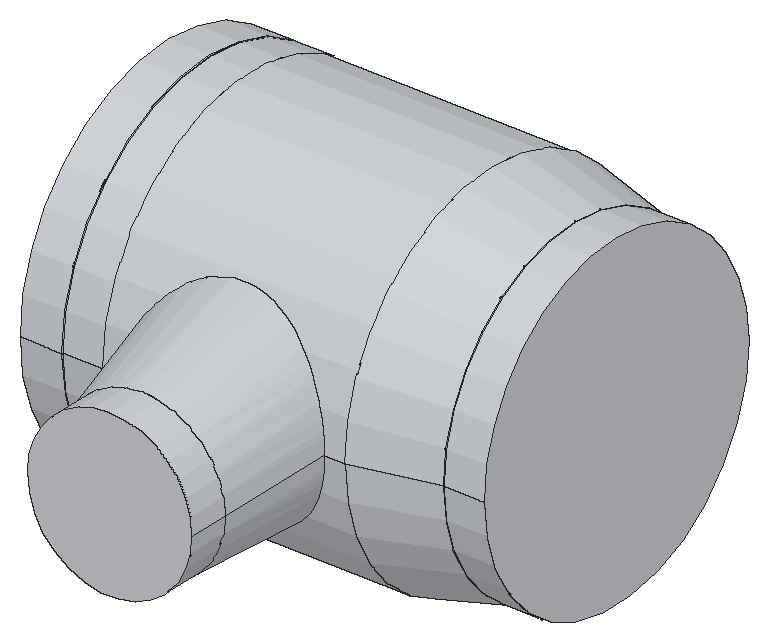
Revit family "13b247725cb74ec19f3574f7fac09483", category Duct Fittings, Revit 2021
Family settings
  Round Connector Dimension = Use Radius
  Part Type = Tee
  OmniClass Number = 23.75.70.14
  OmniClass Title = Air Ductwork
  Seek Item ID = Round Beveled Tee - DTL-0000-USA-ENU
  Work Plane-Based = No
  Always vertical = Yes
  Cut with Voids When Loaded = No
  Shared = No
Parameters (values of type "Standard")
  Tap Inset Label [instance] = 10' 0" + if(Tap Angle 1 < 90.00°, Tap Inset 1, if(Tap Angle 1 = 90.00°, Tap Inset 2, Tap Inset 3))  # 123 9/16"
  Tap Inset 3 [instance] = if(Tap Angle 1 > 90.00°, (Tap Base Diameter 1 - Tap Base Center Radius) / sin(180.00° - Tap Angle 1) + Body Radius 1 / tan(180.00° - Tap Angle 1), 0' 0")  # 0"
  Tap Inset 2 [instance] = if(Tap Angle 1 = 90.00°, Tap Base Diameter 1 - Tap Base Center Radius, 0' 0")  # 3 9/16"
  Default Elevation = 0' - 0"
  Angle 1 [instance] = atan((Tap Base Center Diameter - Tap Base Diameter 1) / (Tap Length 1 - Tap Length))  # 16.2602°
  Tap Horizontal Profile Offset [instance] = Tap Base Center Radius - Tap Radius  # 2 3/16"
  Tap Inset 1 [instance] = if(Tap Angle 1 < 90.00°, Tap Base Center Diameter / 2 * sin(Tap Angle 1) + Tap Base Center Diameter / 2 * cos(Tap Angle 1) / tan(Tap Angle 1 - Angle 1) - Body Radius 1 / tan(Tap Angle 1 - Angle 1), 0' 0")  # 0"
  Length 1 [instance] = if(Tap Angle 1 < 90.00°, Tap Base Center Radius / tan(Tap Angle 1), if(Tap Angle 1 = 90.00°, 0' 0", (Tap Base Diameter - (Insertion Point Length * sin(180.00° - Tap Angle 1) + Tap Radius)) / tan(180.00° - Tap Angle 1)))  # 0"
  Tap Length 3 [instance] = Body Length 1 + Tap Inset  # 5"
  Tap Inset [instance] = 1"
  Tap Length 2 [instance] = Tap Length 1 + Tap Collar Length  # 17"
  Tap Diameter 3 [instance] = if(Tap Angle 1 > 90.00°, 2 * (Tap Base Diameter 1 / 2 + (Tap Base Diameter 1 - Tap Diameter) * Body Radius 1 / (2 * sin(180.00° - Tap Angle 1) * Tap Length) + Tap Base Diameter 1 * (Tap Base Diameter 1 - Tap Diameter) / (2 * tan(180.00° - Tap Angle 1) * Tap Length)) / (1 + (Tap Base Diameter 1 - Tap Diameter) / (2 * tan(180.00° - Tap Angle 1) * Tap Length)), 0' 0")  # 0"
  Tap Diameter 2 [instance] = if(Tap Angle 1 < 90.00°, 2 * (Tap Base Diameter 1 / 2 + (Tap Base Diameter 1 - Tap Diameter) * Body Radius 1 / (2 * sin(Tap Angle 1) * Tap Length)) / (1 - (Tap Base Diameter 1 - Tap Diameter) / (2 * tan(Tap Angle 1) * Tap Length)), 0' 0")  # 0"
  Tap Diameter 1 [instance] = if(Tap Angle 1 = 90.00°, Body Radius 1 * tan(atan((Tap Base Diameter 1 - Tap Diameter) / Tap Length)) + Tap Base Diameter 1, 0' 0")  # 12 3/8"
  Body Radius 1 [instance] = if(Radius In > Radius Out, if(not(Body Radius < Radius In), Body Radius, Radius In), if(not(Body Radius < Radius Out), Body Radius, Radius Out))  # 9"
  Tap Radius [instance] = 4"
  Radius Out [instance] = 8"
  Radius In [instance] = 9"
  Tap Offset From Center 2 [instance] = if(Tap Offset From Center = 0' 0", 0' 0 13/256", 0' 0")  # 13/256"
  Tap Offset From Center 1 [instance] = 10' 0" - Tap Offset From Center  # 120"
  Tap Offset From Center [instance] = 0"
  Body Length 2 [instance] = Collar Out + Length Out 1  # 6"
  Length Out 1 [instance] = if(Length Out = 0' 0", 0' 0 1/16", Length Out)  # 4"
  Body Length 1 [instance] = Collar In + Length In 1  # 4"
  Length In 1 [instance] = if(Length In = 0' 0", 0' 0 1/16", Length In)  # 2"
  Collar Out [instance] = 2"
  Length Out [instance] = 4"
  Collar In [instance] = 2"
  Length In [instance] = 2"
  Tap Length 1 [instance] = Body Radius 1 / sin(Tap Angle 1) + Tap Length + Length 1  # 15"
  Tap Length [instance] = 6"
  Length [instance] = 11 3/4"
  Tap Diameter [instance] = Tap Radius * 2  # 8"
  Diameter Out [instance] = Radius Out * 2  # 16"
  Diameter In [instance] = Radius In * 2  # 18"
  Insertion Point Length [instance] = if(Tap Angle 1 = 90.00°, Tap Base Center Radius - Tap Radius, Tap Horizontal Profile Offset / sin(Tap Angle 1))  # 2 3/16"
  Tap Coarse Line Length [instance] = if(Tap Angle 1 = 90.00°, Tap Length 2, Tap Length 2 - Tap Horizontal Profile Offset / tan(Tap Angle 1))  # 17"
  Tap Collar Length [instance] = 2"
  Tap Base Radius 1 [instance] = if(Tap Base Radius > Tap Radius, Tap Base Radius, Tap Radius + 0' 1")  # 4 7/8"
  Body Radius [instance] = 9"
  Body Diameter [instance] = Body Radius * 2  # 18"
  Tap Base Radius [instance] = 4 7/8"
  Tap Base Diameter 1 [instance] = Tap Base Radius 1 * 2  # 9 3/4"
  Tap Base Diameter [instance] = Tap Base Radius * 2  # 9 3/4"
  Tap Base Center Radius [instance] = Tap Base Center Diameter / 2  # 6 3/16"
  Tap Base Center Diameter [instance] = if(Tap Angle 1 < 90.00°, abs(Tap Diameter 2), if(Tap Angle 1 = 90.00°, abs(Tap Diameter 1), abs(Tap Diameter 3)))  # 12 3/8"
  Tap Angle 1 [instance] = 90.00°
Reference planes (in)
  plane 1 "Center (Front/Back)": y = 0
  plane 2: z = 0
  plane 3 "Center (Left/Right)": x = 0
  plane 4: x = -6.75
  plane 5: x = 5
  plane 6: x = -8.75
  plane 7: x = -10.75
  plane 8: x = 9
  plane 9: x = 11
  plane 10: z = -120
  plane 11: z = 0
  plane 12: z = -0.05078
  plane 13: x = -2.1875
  plane 14: x = -5.75
  plane 15: x = -125.75
  plane 16: x = -8.71094
  plane 17: x = 8.96094
Forms (in)
  Sweep 1, solid, detail levels medium+fine
    path in 3D
      loop
        line (-10.75, 0, 0) -> (-8.71094, 0, 0)
    profile origin (-9.73047, 0, 0) x (0, 1, 0) y (0, 0, 1)
      loop
        circle (0, 0) r 9
  Sweep 2, solid, detail levels medium+fine
    path in 3D
      loop
        line (-6.75, 0, 0) -> (5, 0, 0)
    profile origin (-0.875, 0, 0) x (0, 1, 0) y (0, 0, 1)
      loop
        circle (0, 0) r 9
  Sweep 3, solid, detail levels medium+fine
    path in 3D
      loop
        line (8.96094, 0, 0) -> (11, 0, 0)
    profile origin (9.98047, 0, 0) x (0, 1, 0) y (0, 0, 1)
      loop
        circle (0, 0) r 8
  SweptBlend 4, solid, detail levels medium+fine
    path in 3D
      loop
        line (-2.1875, 0, 0) -> (-2.1875, -15, 0)
    profile "Duct - Round : Duct - Base Center Radius" origin (-2.1875, 0, 0) x (1, 0, 0) y (0, 0, 1)
      loop
        circle (0, 0) r 6.1875
    end profile "Duct - Round : Duct - Round" origin (-2.1875, -15, 0) x (1, 0, 0) y (0, 0, 1)
      loop
        circle (2.1875, 0) r 4
  Sweep 5, solid, detail levels medium+fine
    path in 3D
      loop
        line (-2.1875, 0, 0) -> (-2.1875, -17, 0)
    profile "Duct - Round : Duct - Round" origin (-2.1875, -8.5, 0) x (1, 0, 0) y (0, 0, 1)
      loop
        circle (2.1875, 0) r 4
  Blend 6, solid, detail levels medium+fine
    base sketch origin (0, 0, 0) x (0, 1, 0) y (0, 0, 1)
      loop
        circle (0, 0) r 9
    top sketch origin (0, 0, 0) x (0, 1, 0) y (0, 0, 1)
      loop
        circle (0, 0) r 9
    from -8.75 to -6.75
  Blend 7, solid, detail levels medium+fine
    base sketch origin (0, 0, 0) x (0, 1, 0) y (0, 0, 1)
      loop
        circle (0, 0) r 8
    top sketch origin (0, 0, 0) x (0, 1, 0) y (0, 0, 1)
      loop
        circle (0, 0) r 9
    from 9 to 5
Cuts and joins
  joined: Sweep 2, SweptBlend 4, Sweep 5, Blend 6, Blend 7
Lines and regions (in)
  reference lines
    curve 1: line (-10.75, 0, 0) -> (-8.71094, 0, 0)
    curve 2: line (8.96094, 0, 0) -> (11, 0, 0)
    curve 3: line (-6.75, 0, 0) -> (5, 0, 0)
    curve 8: line (-2.1875, 0, 0) -> (-2.1875, -15, 0)
    curve 10: line (-2.1875, 0, 0) -> (-2.1875, -17, 0)
  sketch lines
    curve 4: line (-10.75, 0, 0) -> (-8.71094, 0, 0)
    curve 5: line (-6.75, 0, 0) -> (5, 0, 0)
    curve 6: line (8.96094, 0, 0) -> (11, 0, 0)
    curve 9: line (-2.1875, 0, 0) -> (-2.1875, -15, 0)
    curve 11: line (-2.1875, 0, 0) -> (-2.1875, -17, 0)
  model lines, detail levels coarse
    curve 7: line (0, 0, 0) -> (0, 0, -0.05078)
    curve 12: line (0, 0, 0) -> (0, -17, 0)
    curve 13: line (-10.75, 0, 0) -> (11, 0, 0)
Dimensions and locks (in)
  "Length": plane 4 to plane 5
  "Length In 1": plane 6 to plane 4
  "Body Length 1": plane 7 to plane 4
  "Length Out 1": plane 5 to plane 8
  "Body Length 2": plane 5 to plane 9
  locked: plane 2 to plane 10 at 120
  "Tap Offset From Center 1": plane 11 to plane 10
  "Tap Offset From Center 2": plane 11 to plane 12
  "Tap Length 1": curve 8 to curve 8
  "Tap Length 3": plane 7 to plane 14
  locked: plane 15 to plane 14 at 120
  "Tap Inset Label": plane 15 to plane 13
  "Tap Length 2": curve 10 to curve 10
  "Insertion Point Length": plane 13 to plane 3 "Center (Left/Right)"
  "Tap Coarse Line Length": curve 12 to curve 12
  locked: plane 6 to plane 16 at 0.03906
  locked: plane 17 to plane 8 at 0.03906
  "Radius In": radius of Sweep 1 sketch curve
  "Body Radius 1": radius of Sweep 2 sketch curve
  "Radius Out": radius of Sweep 3 sketch curve
  "Radius In": radius of Blend 6 sketch curve
  "Body Radius 1": radius of Blend 6 sketch curve
  "Radius Out": radius of Blend 7 sketch curve
  "Body Radius 1": radius of Blend 7 sketch curve
  "Tap Angle 1": angle curve 8 to plane 1 "Center (Front/Back)"
  "Tap Angle 1": angle curve 10 to plane 1 "Center (Front/Back)"
  "Tap Angle 1": angle curve 12 to plane 1 "Center (Front/Back)"
  aligned and locked: plane 7 to curve 1
  aligned and locked: plane 1 "Center (Front/Back)" to curve 1
  aligned and locked: plane 9 to curve 2
  aligned and locked: plane 1 "Center (Front/Back)" to curve 2
  aligned and locked: plane 5 to curve 3
  aligned and locked: plane 1 "Center (Front/Back)" to curve 3
  aligned and locked: plane 2 to curve 7
  aligned and locked: plane 12 to curve 7
  aligned and locked: curve 7 to plane 1 "Center (Front/Back)"
  aligned and locked: plane 1 "Center (Front/Back)" to curve 8
  aligned and locked: plane 13 to curve 10
  aligned and locked: plane 1 "Center (Front/Back)" to curve 12
  aligned and locked: plane 3 "Center (Left/Right)" to curve 12
  aligned and locked: plane 9 to curve 13
  aligned and locked: plane 7 to curve 13
  aligned and locked: plane 1 "Center (Front/Back)" to curve 13
  aligned and locked: Blend 6 to plane 6
  aligned and locked: plane 4 to Blend 6
  aligned and locked: plane 5 to Blend 7
  aligned and locked: plane 8 to Blend 7
  aligned and locked: plane 17 to curve 2
  aligned and locked: plane 16 to curve 1
Automatic sketch dimensions
  Sweep 1 sketch curve to profile plane = 0' - 0"  (x2)
  Sweep 2 sketch curve to profile plane = 0' - 0"  (x2)
  Sweep 3 sketch curve to profile plane = 0' - 0"  (x2)
  Blend 6 sketch curve to level = 0' - 0"  (x2)
  Blend 6 sketch curve to plane 1 "Center (Front/Back)" = 0' - 0"  (x2)
  Blend 7 sketch curve to level = 0' - 0"  (x2)
  Blend 7 sketch curve to plane 1 "Center (Front/Back)" = 0' - 0"  (x2)
  curve 3 to plane 4 = 0' - 0"
Connectors (in)
  hvac at (-10.75, 0, 0), driven by "Radius In"
    settings: on Sweep 1, index 1, duct flow 0 CFM, flow factor 0, pres drop 0.00 in-wg, loss coef 0, conn angle 0.00°, conn width 12", conn height 12", conn diameter 18", duct sys type 28, conn prof type 0, flow config 0, flow direction 0, loss method 0, conn ref index 2, conn util no, is conn primary yes, conn desc ""
  hvac at (11, 0, 0), driven by "Radius Out"
    settings: on Sweep 3, index 2, duct flow 0 CFM, flow factor 0, pres drop 0.00 in-wg, loss coef 0, conn angle 0.00°, conn width 12", conn height 12", conn diameter 16", duct sys type 28, conn prof type 0, flow config 0, flow direction 0, loss method 0, conn ref index 1, conn util no, is conn primary no, conn desc ""
  hvac at (0, -17, 0), driven by "Tap Radius", driven by "Tap Angle 1"
    settings: on Sweep 5, index 3, duct flow 0 CFM, flow factor 0, pres drop 0.00 in-wg, loss coef 0, conn angle 90.00°, conn width 12", conn height 12", conn diameter 8", duct sys type 28, conn prof type 0, flow config 0, flow direction 0, loss method 0, conn ref index -1, conn util no, is conn primary no, conn desc ""
